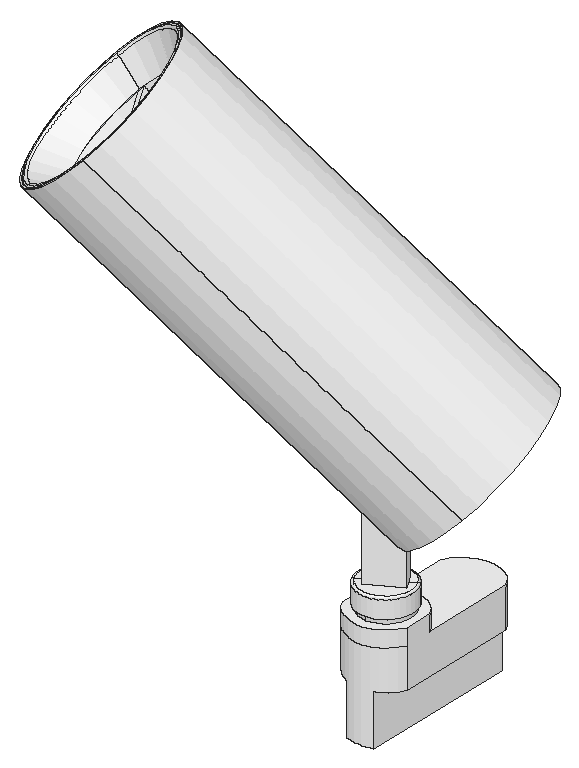
Revit family "0005450", category Lighting Fixtures, host Face, Revit 2017 (continued)
Definition of nested family "START Track Spot Integral Head"
  Types (3, lengths in mm): name | Photometric Web File | built-in parameter 1150142
    005450 - 36 | "0005450_36.ies" | "IESNA:LM-63-2002\r\n[TEST] 202010559\r\n[TESTLAB] \r\n[TESTDATE] 2 Jun 2020\r\n[ISSUEDATE] 2 Jun 2020\r\n[MANUFAC] Sylvania\r\n[LUMCAT] 202010559\r\n[LUMINAIRE] FT1081-W-4000£¨36¡ã£©\r\n[FLASHAREA] 0.001373\r\n[LAMPCAT] 202010559\r\n[LAMP] LED 54W - 52.35 W\r\nTILT=NONE\r\n1 5305.20 1.0 181 4 1 2 -0.085 -0.085 0.000\r\n1.00 1.00 52.35\r\n0.00 1.00 2.00 3.00 4.00 5.00 6.00 7.00 8.00 9.00 10.00 \r\n11.00 12.00 13.00 14.00 15.00 16.00 17.00 18.00 19.00 \r\n20.00 21.00 22.00 23.00 24.00 25.00 26.00 27.00 28.00 \r\n29.00 30.00 31.00 32.00 33.00 34.00 35.00 36.00 37.00 \r\n38.00 39.00 40.00 41.00 42.00 43.00 44.00 45.00 46.00 \r\n47.00 48.00 49.00 50.00 51.00 52.00 53.00 54.00 55.00 \r\n56.00 57.00 58.00 59.00 60.00 61.00 62.00 63.00 64.00 \r\n65.00 66.00 67.00 68.00 69.00 70.00 71.00 72.00 73.00 \r\n74.00 75.00 76.00 77.00 78.00 79.00 80.00 81.00 82.00 \r\n83.00 84.00 85.00 86.00 87.00 88.00 89.00 90.00 91.00 \r\n92.00 93.00 94.00 95.00 96.00 97.00 98.00 99.00 100.00 \r\n101.00 102.00 103.00 104.00 105.00 106.00 107.00 108.00 \r\n109.00 110.00 111.00 112.00 113.00 114.00 115.00 116.00 \r\n117.00 118.00 119.00 120.00 121.00 122.00 123.00 124.00 \r\n125.00 126.00 127.00 128.00 129.00 130.00 131.00 132.00 \r\n133.00 134.00 135.00 136.00 137.00 138.00 139.00 140.00 \r\n141.00 142.00 143.00 144.00 145.00 146.00 147.00 148.00 \r\n149.00 150.00 151.00 152.00 153.00 154.00 155.00 156.00 \r\n157.00 158.00 159.00 160.00 161.00 162.00 163.00 164.00 \r\n165.00 166.00 167.00 168.00 169.00 170.00 171.00 172.00 \r\n173.00 174.00 175.00 176.00 177.00 178.00 179.00 180.00 \r\n0.00 30.00 60.00 90.00 \r\n11346.03 11803.55 11718.61 11566.64 11360.81 11122.05 \r\n10848.21 10540.04 10203.53 9817.56 9412.76 8982.42 \r\n8531.66 8084.27 7594.54 7134.47 6668.00 6198.51 5755.66 \r\n5296.04 4867.07 4454.19 4049.95 3688.03 3324.85 3000.87 \r\n2683.73 2400.10 2131.17 1887.82 1671.78 1475.20 1291.67 \r\n1129.86 991.03 863.78 754.74 657.85 573.33 503.93 437.37 \r\n387.22 342.44 299.98 267.98 240.32 218.72 198.65 182.93 \r\n170.36 158.18 149.03 139.53 132.12 125.39 119.68 114.54 \r\n109.64 105.19 100.26 95.28 90.43 85.21 80.61 75.76 70.77 \r\n65.98 61.48 56.93 52.61 48.02 43.35 38.73 33.78 29.19 \r\n24.29 19.87 16.81 13.99 11.59 9.12 7.06 5.17 2.97 1.60 \r\n1.10 0.71 0.41 0.24 0.17 0.06 0.05 0.05 0.05 0.05 0.05 \r\n0.05 0.05 0.06 0.06 0.07 0.07 0.08 0.08 0.09 0.09 0.09 \r\n0.10 0.10 0.12 0.11 0.00 0.00 0.00 0.00 0.00 0.00 0.00 \r\n0.00 0.00 0.00 0.00 0.00 0.00 0.00 0.00 0.00 0.00 0.00 \r\n0.00 0.00 0.00 0.00 0.00 0.00 0.00 0.00 0.00 0.00 0.00 \r\n0.00 0.00 0.00 0.00 0.00 0.00 0.00 0.00 0.00 0.00 0.00 \r\n0.00 0.00 0.00 0.00 0.00 0.00 0.00 0.00 0.00 0.00 0.00 \r\n0.00 0.00 0.00 0.00 0.00 0.00 0.00 0.00 0.00 0.00 0.00 \r\n0.00 0.00 0.00 0.00 0.00 0.00 0.00 0.00 \r\n11346.03 11568.83 11488.74 11350.66 11170.40 10948.69 \r\n10685.13 10382.96 10037.07 9664.46 9278.33 8857.81 \r\n8421.16 7963.28 7506.34 7052.55 6599.98 6144.83 5687.46 \r\n5261.00 4836.24 4441.31 4056.68 3673.74 3327.20 2996.97 \r\n2688.28 2410.59 2144.58 1899.70 1683.87 1482.93 1302.73 \r\n1146.37 1002.71 881.12 770.15 674.25 590.42 515.92 454.04 \r\n399.84 353.17 314.02 280.32 251.52 227.52 207.63 189.84 \r\n175.05 162.66 152.07 142.62 134.41 127.40 121.34 115.33 \r\n110.02 104.87 99.74 94.73 89.67 84.81 79.74 75.06 70.28 \r\n65.68 61.12 56.57 52.03 47.42 42.85 38.18 33.50 28.74 \r\n24.47 20.59 16.95 14.16 11.55 9.26 7.09 5.01 3.43 2.19 \r\n1.25 0.75 0.49 0.30 0.17 0.12 0.07 0.05 0.05 0.05 0.06 \r\n0.06 0.06 0.07 0.07 0.08 0.08 0.08 0.08 0.09 0.09 0.10 \r\n0.10 0.10 0.10 0.11 0.01 0.00 0.00 0.00 0.00 0.00 0.00 \r\n0.00 0.00 0.00 0.00 0.00 0.00 0.00 0.00 0.00 0.00 0.00 \r\n0.00 0.00 0.00 0.00 0.00 0.00 0.00 0.00 0.00 0.00 0.00 \r\n0.00 0.00 0.00 0.00 0.00 0.00 0.00 0.00 0.00 0.00 0.00 \r\n0.00 0.00 0.00 0.00 0.00 0.00 0.00 0.00 0.00 0.00 0.00 \r\n0.00 0.00 0.00 0.00 0.00 0.00 0.00 0.00 0.00 0.00 0.00 \r\n0.00 0.00 0.00 0.00 0.00 0.00 0.00 0.00 \r\n11346.03 11388.39 11311.45 11187.53 11007.81 10786.00 \r\n10524.22 10228.47 9896.53 9520.90 9142.25 8733.35 8306.35 \r\n7872.46 7428.42 6989.33 6541.19 6090.13 5657.72 5226.49 \r\n4816.32 4427.37 4046.26 3689.74 3342.96 3019.51 2716.28 \r\n2436.56 2176.59 1934.47 1720.82 1520.07 1343.51 1188.12 \r\n1040.86 916.17 803.98 705.22 621.56 545.92 480.74 425.07 \r\n375.28 334.20 297.92 267.43 241.12 219.25 200.71 184.85 \r\n170.78 158.93 148.62 139.45 131.27 124.31 118.01 112.15 \r\n106.64 101.19 95.88 90.76 85.48 80.43 75.52 70.71 66.01 \r\n61.31 56.71 52.16 47.59 43.00 38.41 33.71 29.02 24.65 \r\n20.70 17.18 14.16 11.59 9.21 7.02 5.00 3.39 2.20 1.32 \r\n0.77 0.50 0.29 0.18 0.11 0.07 0.05 0.05 0.05 0.05 0.05 \r\n0.06 0.06 0.07 0.07 0.07 0.08 0.08 0.09 0.09 0.10 0.10 \r\n0.11 0.12 0.13 0.00 0.00 0.00 0.00 0.00 0.00 0.00 0.00 \r\n0.00 0.00 0.00 0.00 0.00 0.00 0.00 0.00 0.00 0.00 0.00 \r\n0.00 0.00 0.00 0.00 0.00 0.00 0.00 0.00 0.00 0.00 0.00 \r\n0.00 0.00 0.00 0.00 0.00 0.00 0.00 0.00 0.00 0.00 0.00 \r\n0.00 0.00 0.00 0.00 0.00 0.00 0.00 0.00 0.00 0.00 0.00 \r\n0.00 0.00 0.00 0.00 0.00 0.00 0.00 0.00 0.00 0.00 0.00 \r\n0.00 0.00 0.00 0.00 0.00 0.00 0.00 \r\n11346.03 11318.80 11247.09 11112.57 10936.83 10712.57 \r\n10454.75 10150.91 9821.33 9456.06 9073.84 8672.65 8249.99 \r\n7821.52 7381.58 6929.34 6491.50 6048.47 5608.59 5183.99 \r\n4779.74 4388.39 4018.94 3662.10 3329.04 3002.21 2706.36 \r\n2426.60 2170.21 1935.60 1721.54 1521.17 1346.94 1190.20 \r\n1049.96 925.06 812.14 714.33 626.38 550.78 484.41 426.66 \r\n378.69 337.45 301.97 269.07 242.86 220.43 201.62 185.39 \r\n170.70 159.22 148.62 139.05 131.12 123.93 117.71 111.83 \r\n106.48 101.09 95.80 90.60 85.40 80.34 75.40 70.53 65.58 \r\n60.94 56.40 51.98 47.44 42.90 38.25 33.55 28.84 24.13 \r\n20.04 16.61 13.87 11.30 8.92 6.71 4.71 2.98 1.92 1.04 \r\n0.67 0.42 0.26 0.09 0.06 0.05 0.05 0.05 0.05 0.05 0.05 \r\n0.05 0.05 0.06 0.07 0.07 0.07 0.09 0.09 0.09 0.09 0.09 \r\n0.10 0.11 0.12 0.00 0.00 0.00 0.00 0.00 0.00 0.00 0.00 \r\n0.00 0.00 0.00 0.00 0.00 0.00 0.00 0.00 0.00 0.00 0.00 \r\n0.00 0.00 0.00 0.00 0.00 0.00 0.00 0.00 0.00 0.00 0.00 \r\n0.00 0.00 0.00 0.00 0.00 0.00 0.00 0.00 0.00 0.00 0.00 \r\n0.00 0.00 0.00 0.00 0.00 0.00 0.00 0.00 0.00 0.00 0.00 \r\n0.00 0.00 0.00 0.00 0.00 0.00 0.00 0.00 0.00 0.00 0.00 \r\n0.00 0.00 0.00 0.00 0.00 0.00 0.00 \r\n"
    005450 - 54 | "0005450_54.ies" | "IESNA:LM-63-2002\r\n[TEST] 202010559\r\n[TESTLAB] \r\n[TESTDATE] 3 Jun 2020\r\n[ISSUEDATE] 3 Jun 2020\r\n[MANUFAC] Sylvania\r\n[LUMCAT] 202010559\r\n[LUMINAIRE] FT1081-W-4000£¨54¡ã£©\r\n[FLASHAREA] 0.001373\r\n[LAMPCAT] 202010559\r\n[LAMP] LED 54W - 52.09 W\r\nTILT=NONE\r\n1 5359.70 1.0 181 4 1 2 -0.085 -0.085 0.000\r\n1.00 1.00 52.09\r\n0.00 1.00 2.00 3.00 4.00 5.00 6.00 7.00 8.00 9.00 10.00 \r\n11.00 12.00 13.00 14.00 15.00 16.00 17.00 18.00 19.00 \r\n20.00 21.00 22.00 23.00 24.00 25.00 26.00 27.00 28.00 \r\n29.00 30.00 31.00 32.00 33.00 34.00 35.00 36.00 37.00 \r\n38.00 39.00 40.00 41.00 42.00 43.00 44.00 45.00 46.00 \r\n47.00 48.00 49.00 50.00 51.00 52.00 53.00 54.00 55.00 \r\n56.00 57.00 58.00 59.00 60.00 61.00 62.00 63.00 64.00 \r\n65.00 66.00 67.00 68.00 69.00 70.00 71.00 72.00 73.00 \r\n74.00 75.00 76.00 77.00 78.00 79.00 80.00 81.00 82.00 \r\n83.00 84.00 85.00 86.00 87.00 88.00 89.00 90.00 91.00 \r\n92.00 93.00 94.00 95.00 96.00 97.00 98.00 99.00 100.00 \r\n101.00 102.00 103.00 104.00 105.00 106.00 107.00 108.00 \r\n109.00 110.00 111.00 112.00 113.00 114.00 115.00 116.00 \r\n117.00 118.00 119.00 120.00 121.00 122.00 123.00 124.00 \r\n125.00 126.00 127.00 128.00 129.00 130.00 131.00 132.00 \r\n133.00 134.00 135.00 136.00 137.00 138.00 139.00 140.00 \r\n141.00 142.00 143.00 144.00 145.00 146.00 147.00 148.00 \r\n149.00 150.00 151.00 152.00 153.00 154.00 155.00 156.00 \r\n157.00 158.00 159.00 160.00 161.00 162.00 163.00 164.00 \r\n165.00 166.00 167.00 168.00 169.00 170.00 171.00 172.00 \r\n173.00 174.00 175.00 176.00 177.00 178.00 179.00 180.00 \r\n0.00 30.00 60.00 90.00 \r\n6329.38 6348.16 6337.99 6323.43 6304.38 6275.69 6239.58 \r\n6193.86 6139.65 6079.87 6007.48 5921.72 5820.68 5715.23 \r\n5599.32 5482.65 5364.06 5224.44 5087.24 4925.30 4759.24 \r\n4584.55 4381.97 4185.03 3975.99 3756.96 3537.12 3323.68 \r\n3102.19 2879.89 2662.79 2436.54 2222.10 2001.69 1798.69 \r\n1599.37 1413.48 1221.72 1059.90 921.22 790.77 689.38 \r\n594.39 516.40 453.90 399.88 350.86 310.46 277.40 249.77 \r\n223.36 203.62 185.16 169.76 155.17 142.99 132.39 122.69 \r\n114.58 107.20 100.76 94.81 89.23 83.97 79.08 74.27 69.60 \r\n65.05 58.97 52.77 48.01 43.53 39.47 35.62 32.05 28.45 \r\n24.21 19.30 15.26 12.41 9.48 6.86 4.50 2.74 1.77 1.21 \r\n0.78 0.45 0.25 0.16 0.08 0.06 0.06 0.06 0.06 0.07 0.07 \r\n0.07 0.07 0.08 0.08 0.09 0.09 0.10 0.11 0.11 0.12 0.12 \r\n0.13 0.14 0.15 0.00 0.00 0.00 0.00 0.00 0.00 0.00 0.00 \r\n0.00 0.00 0.00 0.00 0.00 0.00 0.00 0.00 0.00 0.00 0.00 \r\n0.00 0.00 0.00 0.00 0.00 0.00 0.00 0.00 0.00 0.00 0.00 \r\n0.00 0.00 0.00 0.00 0.00 0.00 0.00 0.00 0.00 0.00 0.00 \r\n0.00 0.00 0.00 0.00 0.00 0.00 0.00 0.00 0.00 0.00 0.00 \r\n0.00 0.00 0.00 0.00 0.00 0.00 0.00 0.00 0.00 0.00 0.00 \r\n0.00 0.00 0.00 0.00 0.00 0.00 0.00 \r\n6329.38 6345.10 6337.31 6315.25 6289.40 6260.79 6220.48 \r\n6172.92 6117.83 6051.21 5976.25 5887.38 5793.28 5688.15 \r\n5575.47 5454.97 5327.72 5196.35 5048.53 4894.52 4729.81 \r\n4555.65 4369.46 4167.04 3959.97 3742.41 3520.95 3298.24 \r\n3076.61 2853.90 2634.59 2406.57 2190.16 1982.63 1768.30 \r\n1574.84 1389.27 1216.03 1065.25 925.57 807.67 698.76 \r\n609.85 530.23 463.09 406.62 357.55 316.30 281.43 251.60 \r\n226.36 205.47 186.65 170.14 156.25 144.05 132.80 123.43 \r\n114.75 107.44 100.66 94.60 89.05 83.56 78.64 73.72 68.87 \r\n63.16 58.08 52.82 47.84 43.58 39.41 35.54 31.72 27.59 \r\n23.61 20.03 16.21 12.45 9.53 6.97 4.88 3.30 2.11 1.33 \r\n0.84 0.55 0.32 0.18 0.12 0.07 0.05 0.06 0.06 0.06 0.06 \r\n0.07 0.07 0.07 0.08 0.08 0.09 0.09 0.10 0.10 0.11 0.12 \r\n0.12 0.11 0.11 0.01 0.00 0.00 0.00 0.00 0.00 0.00 0.00 \r\n0.00 0.00 0.00 0.00 0.00 0.00 0.00 0.00 0.00 0.00 0.00 \r\n0.00 0.00 0.00 0.00 0.00 0.00 0.00 0.00 0.00 0.00 0.00 \r\n0.00 0.00 0.00 0.00 0.00 0.00 0.00 0.00 0.00 0.00 0.00 \r\n0.00 0.00 0.00 0.00 0.00 0.00 0.00 0.00 0.00 0.00 0.00 \r\n0.00 0.00 0.00 0.00 0.00 0.00 0.00 0.00 0.00 0.00 0.00 \r\n0.00 0.00 0.00 0.00 0.00 0.00 0.00 \r\n6329.38 6331.30 6319.55 6300.96 6273.29 6242.93 6203.67 \r\n6154.86 6094.85 6020.59 5945.08 5859.64 5768.23 5668.09 \r\n5559.60 5448.29 5325.03 5189.33 5042.75 4888.03 4720.67 \r\n4544.19 4354.91 4155.71 3946.94 3730.10 3504.21 3287.19 \r\n3064.09 2837.66 2617.80 2397.75 2182.10 1971.49 1763.77 \r\n1569.44 1385.55 1213.98 1059.59 922.46 801.54 695.63 \r\n603.76 526.54 460.81 403.83 357.12 316.61 281.20 251.79 \r\n226.36 204.48 185.85 168.79 154.20 141.68 130.18 120.68 \r\n112.35 105.08 98.57 92.71 87.27 82.16 77.26 72.40 67.41 \r\n62.64 57.60 52.50 47.66 43.42 39.39 35.51 31.66 27.61 \r\n23.67 19.81 15.96 12.53 9.47 6.99 4.87 3.23 2.05 1.24 \r\n0.81 0.51 0.29 0.17 0.12 0.06 0.05 0.05 0.05 0.05 0.06 \r\n0.06 0.06 0.07 0.08 0.08 0.09 0.10 0.10 0.11 0.11 0.12 \r\n0.12 0.12 0.12 0.01 0.00 0.00 0.00 0.00 0.00 0.00 0.00 \r\n0.00 0.00 0.00 0.00 0.00 0.00 0.00 0.00 0.00 0.00 0.00 \r\n0.00 0.00 0.00 0.00 0.00 0.00 0.00 0.00 0.00 0.00 0.00 \r\n0.00 0.00 0.00 0.00 0.00 0.00 0.00 0.00 0.00 0.00 0.00 \r\n0.00 0.00 0.00 0.00 0.00 0.00 0.00 0.00 0.00 0.00 0.00 \r\n0.00 0.00 0.00 0.00 0.00 0.00 0.00 0.00 0.00 0.00 0.00 \r\n0.00 0.00 0.00 0.00 0.00 0.00 0.00 \r\n6329.38 6325.11 6315.32 6299.04 6274.03 6236.74 6199.58 \r\n6152.13 6094.50 6030.83 5951.01 5865.73 5771.84 5669.45 \r\n5565.60 5448.34 5322.17 5185.25 5040.98 4885.47 4715.77 \r\n4534.34 4343.05 4143.58 3936.19 3720.38 3495.19 3268.53 \r\n3043.41 2818.86 2599.80 2383.44 2166.95 1956.77 1752.16 \r\n1551.92 1370.13 1202.56 1045.70 910.11 788.04 680.67 \r\n591.81 514.64 449.56 396.11 349.56 310.62 274.36 245.14 \r\n220.13 198.71 179.80 163.44 149.73 137.93 127.89 118.87 \r\n110.79 103.85 97.44 91.46 85.90 80.77 75.84 71.22 66.69 \r\n61.24 56.73 51.52 47.00 42.82 38.91 35.19 31.62 27.89 \r\n23.52 19.11 15.19 12.14 9.34 6.68 4.41 2.77 1.65 1.07 \r\n0.67 0.41 0.25 0.10 0.05 0.05 0.05 0.05 0.05 0.05 0.05 \r\n0.05 0.06 0.08 0.08 0.08 0.09 0.09 0.09 0.09 0.10 0.11 \r\n0.13 0.13 0.15 0.00 0.00 0.00 0.00 0.00 0.00 0.00 0.00 \r\n0.00 0.00 0.00 0.00 0.00 0.00 0.00 0.00 0.00 0.00 0.00 \r\n0.00 0.00 0.00 0.00 0.00 0.00 0.00 0.00 0.00 0.00 0.00 \r\n0.00 0.00 0.00 0.00 0.00 0.00 0.00 0.00 0.00 0.00 0.00 \r\n0.00 0.00 0.00 0.00 0.00 0.00 0.00 0.00 0.00 0.00 0.00 \r\n0.00 0.00 0.00 0.00 0.00 0.00 0.00 0.00 0.00 0.00 0.00 \r\n0.00 0.00 0.00 0.00 0.00 0.00 0.00 \r\n"
  Reference planes
    plane 1 "Center (Front/Back)": y = 0
    plane 2: z = 0
    plane 3 "Center (Left/Right)": x = 0
    plane 4: x = 45.5
    plane 5: z = 16.8
    plane 6: z = -198.2
    plane 7: x = 44.5
    plane 8: x = 33
    plane 9: x = 16.5
    plane 10: z = -183.825
    plane 11: z = -164.606
    plane 12: z = -11.2
    plane 13: x = 43.5
    plane 14: x = 38.25
    plane 15: z = -181.825
    plane 16: z = -162.606
    plane 17: z = -1
    plane 18: x = 4.75
    plane 19: x = -4.75
    plane 20: y = -45.5
    plane 21: y = -26.5
    plane 22: x = 42.5
    plane 23: y = -36
  Forms (mm)
    Extrusion 1, solid
      sketch origin (4.2, 0, 0) x (1, 0, 0) y (0, 1, 0)
        loop
          line (-1219.2, 1219.2) -> (-1219.2, -1219.2) -> (1219.2, -1219.2) -> (1219.2, 1219.2) -> (-1219.2, 1219.2)
      from 0 to -68.017
    Revolve 2, solid, material <- "Material_1_SYL"
      sketch origin (0, 0, 0) x (1, 0, 0) y (0, 0, 1)
        loop
          line (45.5, -198.2) -> (45.5, 16.8) -> (44.5, 16.8) -> (44.5, -198.2) -> (45.5, -198.2)
        axis (0, 16.8) -> (0, -198.2)
      angle from 360 to 0
    Revolve 3, solid, material <- "Material_1_SYL"
      sketch origin (0, 0, 0) x (1, 0, 0) y (0, 0, 1)
        loop
          line (44.5, 16.8) -> (43.5, 16.8)
          arc (43.5, 16.8) -> (38.25, 15.673) -> (33, 16.8) r 12.796
          line (33, 16.8) -> (0, 16.8) -> (0, -11.2) -> (44.5, -11.2) -> (44.5, 16.8)
        axis (0, 16.8) -> (0, -11.2)
      angle from 360 to 0
    Revolve 4, solid, material <- "Material_2_SYL"
      sketch origin (0, 0, 0) x (1, 0, 0) y (0, 0, 1)
        loop
          line (44.5, -181.825) -> (0, -181.825) -> (0, -183.825) -> (44.5, -183.825) -> (44.5, -181.825)
        axis (0, -181.825) -> (0, -183.825)
      angle from 360 to 0
    Revolve 5, solid
      sketch origin (0, 0, 0) x (1, 0, 0) y (0, 0, 1)
        loop
          line (0, -164.606) -> (16.5, -164.606)
          arc (16.5, -164.606) -> (30.37, -169.432) -> (38.25, -181.825) r 22.346
          line (38.25, -181.825) -> (44.5, -181.825) -> (44.5, -162.606) -> (0, -162.606) -> (0, -164.606)
        axis (0, -162.606) -> (0, -181.825)
      angle from 360 to 0
    Extrusion 6, void
      sketch origin (1524, -45.5, 1219.2) x (-1, 0, 0) y (0, 0, 1)
        loop
          line (1528.75, -1230.4) -> (1528.75, -1202.4) -> (1519.25, -1202.4) -> (1519.25, -1230.4) -> (1528.75, -1230.4)
      from 0 to 19
    Revolve 7, solid, material <- "Material_1_SYL"
      sketch origin (0, 0, 0) x (1, 0, 0) y (0, 0, 1)
        loop
          line (33, -183.825) -> (42.006, -197.453)
          arc (42.006, -197.453) -> (42.534, -197.999) -> (43.267, -198.2) r 1.437
          line (43.267, -198.2) -> (44.5, -198.2) -> (44.5, -183.825) -> (33, -183.825)
        axis (0, -183.825) -> (0, -198.2)
      angle from 360 to 0
  Cuts and joins
    Extrusion 6 cuts Revolve 3
    Extrusion 6 cuts Revolve 2
  Lines and regions (mm)
    reference lines
      curve 1: arc (33, 0, 16.8) -> (38.25, 0, 15.673) -> (43.5, 0, 16.8) r 12.796
      curve 2: line (33, 0, -183.825) -> (42.5, 0, -198.2)
  Dimensions and locks
    "RadiusHead_SYL": plane 4 to plane 3 "Center (Left/Right)"
    "DistRotateAxisY_SYL": plane 5 to plane 2
    "Height_SYL": plane 5 to plane 6
    locked: plane 4 to plane 7 at 1
    "RadiusLensOut_SYL": plane 8 to plane 3 "Center (Left/Right)"
    "RadiusEmission_SYL": plane 9 to plane 3 "Center (Left/Right)"
    "DepthLens_SYL": plane 10 to plane 6
    "DepthEmission_SYL": plane 11 to plane 6
    locked: plane 5 to plane 12 at 28
    locked: plane 4 to plane 13 at 2
    equal spacing: plane 13, plane 14, plane 8
    locked: plane 5 to curve 1 at 1.127
    locked: plane 15 to plane 10 at 2
    locked: plane 16 to plane 11 at 2
    locked: plane 2 to plane 17 at 1
    equal spacing: plane 18, plane 3 "Center (Left/Right)", plane 19
    "WidthCutOut_SYL": plane 18 to plane 19
    "RadiusHead_SYL": plane 20 to plane 1 "Center (Front/Back)"
    "DepthCutOut_SYL": plane 20 to plane 21
    locked: plane 4 to plane 22 at 3
    equal spacing: plane 20, plane 23, plane 21
    aligned and locked: plane 2 to Extrusion 1
    aligned and locked: level to Extrusion 1
    aligned and locked: plane 8 to curve 1
    aligned and locked: plane 13 to curve 1
    aligned and locked: plane 14 to curve 1
    aligned and locked: plane 5 to curve 1
    aligned and locked: Revolve 2 sketch curve to plane 3 "Center (Left/Right)"
    aligned and locked: Revolve 2 sketch curve to plane 6
    aligned and locked: Revolve 2 sketch curve to plane 4
    aligned and locked: plane 5 to Revolve 2 sketch curve
    aligned and locked: plane 7 to Revolve 2 sketch curve
    aligned and locked: Revolve 3 sketch curve to plane 3 "Center (Left/Right)"
    aligned and locked: Revolve 3 sketch curve to Revolve 2  (x3)
    aligned and locked: Revolve 3 sketch curve to plane 12
    aligned and locked: plane 3 "Center (Left/Right)" to Revolve 3 sketch curve
    aligned and locked: Revolve 3 sketch curve to curve 1
    aligned and locked: plane 5 to Revolve 3 sketch curve
    aligned and locked: Revolve 4 sketch curve to plane 3 "Center (Left/Right)"  (x2)
    aligned and locked: Revolve 4 sketch curve to plane 15
    aligned and locked: plane 7 to Revolve 4 sketch curve
    aligned and locked: Revolve 5 sketch curve to plane 3 "Center (Left/Right)"  (x2)
    aligned and locked: plane 3 "Center (Left/Right)" to Revolve 5 sketch curve
    aligned and locked: plane 9 to Revolve 5 sketch curve
    aligned and locked: plane 11 to Revolve 5 sketch curve
    aligned and locked: plane 14 to Revolve 5 sketch curve
    aligned and locked: plane 15 to Revolve 5 sketch curve
    aligned and locked: plane 12 to Extrusion 6 sketch curve
    aligned and locked: Extrusion 6 sketch curve to plane 19
    aligned and locked: Extrusion 6 sketch curve to plane 5
    aligned and locked: plane 18 to Extrusion 6 sketch curve
    aligned and locked: Extrusion 6 to plane 21
    aligned and locked: plane 20 to Extrusion 6
    aligned and locked: plane 10 to curve 2
    aligned and locked: plane 22 to curve 2
    aligned and locked: Revolve 7 sketch curve to plane 3 "Center (Left/Right)"
    aligned and locked: plane 10 to Revolve 7 sketch curve
    aligned and locked: Revolve 7 sketch curve to Revolve 4
    aligned and locked: Revolve 7 sketch curve to curve 2
    aligned and locked: plane 3 "Center (Left/Right)" to imposter light
    aligned and locked: imposter light to plane 1 "Center (Front/Back)"
    aligned and locked: imposter light to plane 10
  Automatic sketch dimensions
    Extrusion 1 sketch curve to Extrusion 1 sketch curve = 2438.4 mm  (x2)
    plane 6 to Revolve 2 sketch curve = 487.1 mm
    Revolve 2 sketch curve to plane 5 = 2571.558 mm
    plane 6 to Revolve 3 sketch curve = 487.1 mm
    Revolve 3 sketch curve to Revolve 3 sketch curve = 2566.685 mm
    plane 6 to Revolve 4 sketch curve = 487.1 mm
    Revolve 4 sketch curve to plane 5 = 2571.558 mm
    Revolve 5 sketch curve to plane 11 = 2 mm
    plane 6 to Revolve 5 sketch curve = 487.1 mm
    Revolve 5 sketch curve to plane 5 = 2571.558 mm
    Revolve 5 sketch curve to plane 7 = 0 mm
    Revolve 4 sketch curve to plane 10 = 0 mm
    curve 2 to plane 8 = 0 mm
    curve 1 to plane 14 = 0 mm
    curve 2 to plane 6 = 0 mm
    curve 1 to plane 13 = 0 mm
    Revolve 7 sketch curve to plane 6 = 0 mm
    Revolve 7 sketch curve to plane 22 = 0.494 mm
    Revolve 7 sketch curve to plane 13 = 0.233 mm
    plane 6 to Revolve 7 sketch curve = 474.6 mm
    Revolve 7 sketch curve to plane 5 = 2584.058 mm
Types (3, lengths in mm): name | TypeHead_SYL
  0005450 PIXO LARGE 5200LM 940 NB MB WB WHT - 24 degree | START Track Spot Integral Head : 005450 - 24
  0005450 PIXO LARGE 5200LM 940 NB MB WB WHT - 36 degree | START Track Spot Integral Head : 005450 - 36
  0005450 PIXO LARGE 5200LM 940 NB MB WB WHT - 54 degree | START Track Spot Integral Head : 005450 - 54
